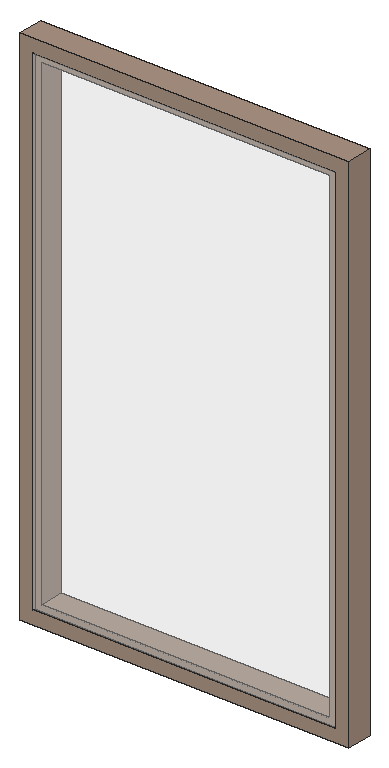
Revit family
Parameters (values of type "750 x 1200 mm")
  Height = 1200 mm
  Material of Glass Panel = Glass (2)
  Frame Width = 45 mm
  Frame Depth = 60 mm
  Material of Frame = Frame Material
  Default Sill Height = 800 mm
  Wall Closure = (empty or 0)
  Width = 750 mm
  Assembly Code = ""
Types (3, lengths in mm): name | Height | Material of Frame | Width
  750 x 1200 mm | 1200 | Frame Material | 750
  900 x 1200 mm | 1200 | Wood | 900
  1000 x 1500 mm | 1500 | Wood | 1000
Reference planes
  plane 1: y = 0
  plane 2 "Center (Left/Right)": x = 0
  plane 3 "Left": x = -375
  plane 4 "Right": x = 375
  plane 5 "Sill": z = 800
  plane 6 "Head": z = 2000
  plane 7 "Exterior": y = 75
  plane 8 "Interior": y = -75
  plane 9: x = -330
  plane 10: x = 330
  plane 11: y = 30
  plane 12: y = -30
  plane 13: z = 1955
  plane 14: z = 845
Forms (mm)
  Sweep 1, solid, material "Frame Material" <- "Material of Frame"
    path origin (0, 0, 0) x (1, 0, 0) y (0, 0, 1)
      loop
        line (-375, 800) -> (375, 800) -> (375, 2000) -> (-375, 2000) -> (-375, 800)
    profile origin (0, 0, 1400) x (-1, 0, 0) y (0, -1, 0)
      loop
        line (375, 30) -> (345, 30) -> (345, 25.792) -> (330, 25.792) -> (330, -30) -> (375, -30) -> (375, 30)
  Extrusion 2, solid, material "Glass (2)" <- "Material of Glass Panel"
    sketch origin (-345, -30, 830) x (0, 0, 1) y (-1, 0, 0)
      loop
        line (1140, -690) -> (1140, 0) -> (0, 0) -> (0, -690) -> (1140, -690)
    from -4.208 to 0
Lines and regions (mm)
  Opening 1
    outline origin (3500, -75, 0) x (1, 0, 0) y (0, 0, 1)
      loop
        line (-3125, 800) -> (-3125, 2000) -> (-3875, 2000) -> (-3875, 800) -> (-3125, 800)
  symbolic lines, style "WindowsFrameMullionProjection", detail levels medium+fine
    curve 1: line (-375, 30, 0) -> (-330, 30, 0)
    curve 2: line (-375, 30, 0) -> (-375, -30, 0)
    curve 3: line (-375, -30, 0) -> (-345, -30, 0)
    curve 4: line (-345, -30, 0) -> (-345, -25.792, 0)
    curve 5: line (-345, -25.792, 0) -> (-330, -25.792, 0)
    curve 6: line (-330, -25.792, 0) -> (-330, 30, 0)
    curve 7: line (330, 30, 0) -> (375, 30, 0)
    curve 8: line (330, 30, 0) -> (330, -25.792, 0)
    curve 9: line (375, 30, 0) -> (375, -30, 0)
    curve 10: line (375, -30, 0) -> (345, -30, 0)
    curve 11: line (345, -30, 0) -> (345, -25.792, 0)
    curve 12: line (330, -25.792, 0) -> (345, -25.792, 0)
  symbolic lines, style "WindowsGlassProjection"
    curve 13: line (-345, -25.792, 0) -> (345, -25.792, 0)
    curve 14: line (-345, -30, 0) -> (345, -30, 0)
  symbolic lines, style "WindowsFrameMullionProjection", detail levels coarse
    curve 15: line (-345, -30, 0) -> (-375, -30, 0)
    curve 16: line (-345, 30, 0) -> (-345, -30, 0)
    curve 17: line (-375, 30, 0) -> (-345, 30, 0)
    curve 18: line (-375, -30, 0) -> (-375, 30, 0)
    curve 19: line (345, -30, 0) -> (375, -30, 0)
    curve 20: line (345, 30, 0) -> (345, -30, 0)
    curve 21: line (375, 30, 0) -> (345, 30, 0)
    curve 22: line (375, -30, 0) -> (375, 30, 0)
Text (mm)
  text "EXTERIOR" at (-1963.203, 1332.353, 0), in view "Ref. Level"
  text "INTERIOR" at (-1981.466, -818.386, 0), in view "Ref. Level"
  text "Exterior" at (0, 923.751, 2943.296), in view "Right"
  text "Exterior" at (0, 1040.484, 2685.409), in view "Left"
Dimensions and locks
  equal spacing: plane 3 "Left", plane 2 "Center (Left/Right)", plane 4 "Right"
  "Width": plane 3 "Left" to plane 4 "Right"
  "Height": plane 5 "Sill" to plane 6 "Head"
  "Default Sill Height": plane 5 "Sill" to level
  locked: plane 7 "Exterior" to host wall at 0
  locked: plane 8 "Interior" to host wall
  "Frame Width": plane 3 "Left" to plane 9
  "Frame Width": plane 10 to plane 4 "Right"
  equal spacing: plane 12, plane 1, plane 11
  "Frame Depth": plane 12 to plane 11
  "Frame Width": plane 6 "Head" to plane 13
  "Frame Width": plane 14 to plane 5 "Sill"
  locked: Sweep 1 sketch curve to Sweep 1 sketch curve at 4.208
  locked: Sweep 1 sketch curve to Sweep 1 sketch curve at 15
  aligned and locked: host wall to Sweep 1 sketch curve
  aligned and locked: Sweep 1 sketch curve to host wall  (x3)
  aligned and locked: plane 12 to Sweep 1 sketch curve
  aligned and locked: Sweep 1 sketch curve to plane 3 "Left"
  aligned and locked: plane 11 to Sweep 1 sketch curve
  aligned and locked: Sweep 1 sketch curve to plane 9
  aligned and locked: plane 9 to Sweep 1 sketch curve
  aligned and locked: Extrusion 2 to Sweep 1
  aligned and locked: curve 1 to Sweep 1  (x2)
  aligned and locked: curve 3 to Sweep 1
  aligned and locked: Sweep 1 to curve 4
  aligned and locked: curve 4 to Sweep 1
  aligned and locked: curve 6 to Sweep 1
  aligned and locked: curve 7 to Sweep 1  (x2)
  aligned and locked: Sweep 1 to curve 8
  aligned and locked: curve 9 to Sweep 1
  aligned and locked: curve 10 to Sweep 1
  aligned and locked: curve 11 to Sweep 1  (x2)
  aligned and locked: curve 13 to curve 5
  aligned and locked: plane 12 to curve 14
  aligned and locked: curve 18 to Sweep 1
  aligned and locked: plane 12 to curve 19
  aligned and locked: curve 22 to Sweep 1  (x2)
Automatic sketch dimensions
  Opening 1 sketch curve to plane 3 "Left" = 0 mm
  Opening 1 sketch curve to plane 4 "Right" = 0 mm
  Opening 1 sketch curve to plane 5 "Sill" = 0 mm
  Opening 1 sketch curve to plane 6 "Head" = 0 mm
  plane 14 to Extrusion 2 sketch curve = 15 mm
  Extrusion 2 sketch curve to plane 13 = 15 mm
  plane 10 to Extrusion 2 sketch curve = 15 mm
  Extrusion 2 sketch curve to plane 9 = 15 mm
